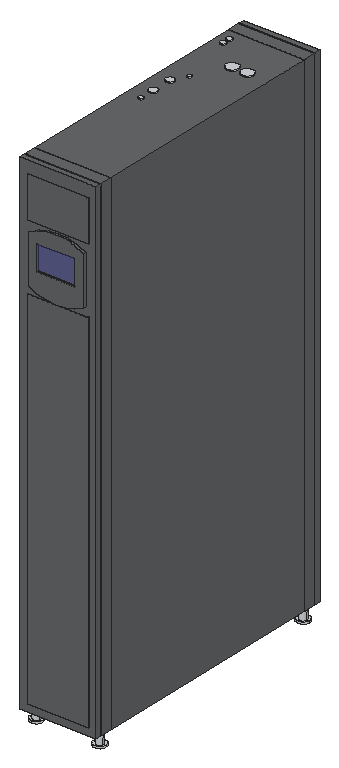
Revit family "CR060RC", category Mechanical Equipment, Revit 2013
Parameters
  zz Plenum lenght [instance] = if(Depth 1200mm, 1200.0 mm, 1100.0 mm)  # 1100.0 mm
  zz PI3 [instance] = zz PI1 + 1.5 kW  # 4.52 kW
  zz PI2 [instance] = zz PI1 + 4.5 kW  # 7.52 kW
  zz PI1 [instance] = 3.02 kW  # constant formula
  zz LRA3 [instance] = 6.7 A
  zz LRA2 [instance] = 6.9 A
  zz LRA1 [instance] = 0.6 A
  zz Humidifier feed_HF2 [instance] = "Humidifier feed BOTTOM_HF "  # constant formula
  zz Humidifier feed_HF = "Humidifier feed TOP_HF "  # constant formula
  zz Humidifier drain_HD = "Humidifier drain_HD"  # constant formula
  zz FS [instance] = if(and(not(Electrical heater), not(Electrode Humidifier)), 1, 0)  # 1
  zz FLA3 [instance] = 10.7 A
  zz FLA2 [instance] = 10.7 A
  zz FLA1 [instance] = 12.6 A
  zz FEH [instance] = if(and(Electrode Humidifier, not(Electrical heater)), 1, 0)  # 0
  zz FE [instance] = if(and(Electrical heater, not(Electrode Humidifier)), 1, 0)  # 0
  zz Electrical supply-low voltage EC-LV2T [instance] = "Electrical supply-low voltage TOP  EC-LVT2"  # constant formula
  zz Electrical supply-low voltage EC-LV2B [instance] = "Electrical supply-low voltage BOTTOM  EC-LVB2"  # constant formula
  zz Electrical supply-low voltage EC-LV1T [instance] = "Electrical supply-low voltage TOP  EC-LVT1"  # constant formula
  zz Electrical supply-low voltage EC-LV1B [instance] = "Electrical supply-low voltage BOTTOM  EC-LVB1"  # constant formula
  zz Electrical supply-high voltage EC-HV2T [instance] = "Electrical supply-high voltage TOP  EC-HVT2"  # constant formula
  zz Electrical supply-high voltage EC-HV1T [instance] = "Electrical supply-high voltage TOP  EC-HVT1"  # constant formula
  zz DP = "Pump Drain"  # constant formula
  zz Condensate drain_CD = "Condensate drain_CD"  # constant formula
  zz Chilled water outlet OCW = "Chilled water BOTTOM outlet_OCWB"  # constant formula
  zz Chilled water inlet ICW = "Chilled water BOTTOM inlet_ICWB"  # constant formula
  zz Chilled water TOP outlet OCW = "Chilled water TOP outlet OCWT"  # constant formula
  zz Chilled water TOP inlet ICW = "Chilled water TOP inlet_ICWT"  # constant formula
  Width = 300.0 mm  # constant formula
  Weight [instance] = 230.00 kg
  Voltage [instance] = if(or(Electrode Humidifier, Electrical heater), 400 V, 230 V)  # 230 V
  URL = "https://www.vertivco.com/en-emea/"
  Total power imput [instance] = if(zz FS = 1, zz PI1, if(zz FE = 1, zz PI2, if(zz FEH = 1, zz PI3, 0 kW)))  # 3.02 kW
  Total Cooling Capacity [instance] = 51.4 kW
  Supply Air Temp. [instance] = 17.5 °C
  Service area 2 [instance] = no
  Service area 1 [instance] = no
  Selection [instance] = if(and(Electrode Humidifier, Electrical heater), "WRONG SELECTION- only one option is possible", if(and(Electrode Humidifier, not(Electrical heater)), "Electode Humidifier", if(and(Electrical heater, not(Electrode Humidifier)), "Electrical heater", "Without options")))  # "Without options"
  Power supply [instance] = if(or(Electrode Humidifier, Electrical heater), "400V/3ph+N/50Hz", "230V/1ph/50Hz")  # "230V/1ph/50Hz"
  Power factor = 0
  Outdoor temperature DB [instance] = 37 °C
  Outdoor humidity RH [instance] = "24%"
  Number of Poles [instance] = 1
  Model = "CR060RC"  # constant formula
  Manufacturer = "Vertiv"  # constant formula
  Liquid temp. OUT [instance] = 15 °C
  Liquid temp. IN [instance] = 10 °C
  LRA [instance] = if(zz FS = 1, zz LRA1, if(zz FE = 1, zz LRA2, if(zz FEH = 1, zz LRA3, 0 A)))  # 0.6 A
  Hydraulic presure drop [instance] = 135 kPa
  Height 2222mm [instance] = no
  Height 2000mm [instance] = not(Height 2222mm)  # yes
  Front plenum [instance] = if(Depth 1200mm, 100.0 mm, 1.0 mm)  # 1.0 mm
  FLA [instance] = if(zz FS = 1, zz FLA1, if(zz FE = 1, zz FLA2, if(zz FEH = 1, zz FLA3, 0 A)))  # 12.6 A
  Electrode Humidifier [instance] = no
  Electrical heater [instance] = no
  Display YES/NO [instance] = yes
  Depth 1200mm [instance] = no
  Depth 1100mm [instance] = not(Depth 1200mm)  # yes
  Copyright © = "Copyright © Vertiv 2017"  # constant formula
  Coolant fluid flow [instance] = 2.46 L/s
  Aparent load [instance] = 0 VA
Reference planes
  plane 1 "Center (Front/Back)": y = 0
  plane 2: z = 0
  plane 3 "Center (Left/Right)": x = 0
  plane 4: x = -150
  plane 5: x = 150
  plane 6: y = 476
  plane 7: y = -476
  plane 8 "Bottom": z = 50
  plane 9 "Top": z = 2000
  plane 10 "Front": y = -550
  plane 11: y = -527
  plane 12 "Legs front": y = -501
  plane 13 "Legs back": y = 501
  plane 14 "Back": y = 549.962
  plane 15: y = -528
  plane 16: y = -526
Forms (mm)
  Extrusion 1, solid, material "Paint Vertiv Black"
    sketch origin (0, 0, 0) x (1, 0, 0) y (0, 1, 0)
      loop
        line (-150, 476) -> (-150, -476) -> (150, -476) -> (150, 476) -> (-150, 476)
    from 50 to 2000
  Extrusion 2, solid, material "Paint Vertiv Black"
    sketch origin (0, 0, 0) x (1, 0, 0) y (0, 1, 0)
      loop
        line (-150, -476) -> (-150, -526) -> (150, -526) -> (150, -476) -> (-150, -476)
    from 50 to 2000
  Extrusion 3, solid, material "Paint Vertiv Black"
    sketch origin (-1508.322, -1524, 50) x (-1, 0, 0) y (0, -1, 0)
      loop
        line (-1358.322, -996) -> (-1358.322, -974) -> (-1658.322, -974) -> (-1658.322, -996) -> (-1358.322, -996)
    from 0 to 1950
  Extrusion 4, solid, material "Perforated metal Vertiv"
    sketch origin (-2000, -550, 1200) x (-1, 0, 0) y (0, 0, 1)
      loop
        line (-2120, -1121.03) -> (-1880, -1121.03) -> (-1880, 328.895) -> (-2120, 328.895) -> (-2120, -1121.03)
      loop
        line (-1880, 750) -> (-2120, 750) -> (-2120, 590) -> (-1880, 590) -> (-1880, 750)
    from -1 to 1
  Extrusion 5, solid, material "PMMA Plastic", visible <- "Display YES/NO"
    sketch origin (10, -550, 0) x (-1, 0, 0) y (0, 0, -1)
      loop
        line (120, -1752.835) -> (120, -1564.827)
        arc (120, -1564.827) -> (10.147, -1534.741) -> (-100, -1563.736) r 219.574
        line (-100, -1563.736) -> (-100, -1753.927)
        arc (-100, -1753.927) -> (10.147, -1782.922) -> (120, -1752.835) r 219.574
    from 0 to 10
  Extrusion 6, void
    sketch origin (10, -550, 0) x (-1, 0, 0) y (0, 0, -1)
      loop
        line (85, -1725.628) -> (85, -1625.628) -> (-65, -1625.628) -> (-65, -1725.628) -> (85, -1725.628)
    from 5 to 12
  Extrusion 7, solid, material "Paint Vertiv Black"
    sketch origin (0, 0, 0) x (1, 0, 0) y (0, 1, 0)
      loop
        line (-150, 476) -> (150, 476) -> (150, 526) -> (-150, 526) -> (-150, 476)
    from 50 to 2000
  Extrusion 8, solid, material "Paint Vertiv Black"
    sketch origin (-1508.322, 1524, 50) x (-1, 0, 0) y (0, -1, 0)
      loop
        line (-1358.322, 998) -> (-1658.322, 998) -> (-1658.322, 974.038) -> (-1358.322, 974.038) -> (-1358.322, 998)
    from 0 to 1950
  Extrusion 9, solid, material "Perforated metal Vertiv"
    sketch origin (-2000, 550, 1200) x (-1, 0, 0) y (0, 0, -1)
      loop
        line (-2120, 1121.03) -> (-2120, -750) -> (-1880, -750) -> (-1880, 1121.03) -> (-2120, 1121.03)
    from -1 to 1.075
  Revolve 10, solid
    sketch origin (0, -501, 0) x (-1, 0, 0) y (0, 0, 1)
      loop
        line (135, 50) -> (125.166, 50) -> (125.166, 0) -> (150, 0) -> (150, 5) -> (137.981, 5) -> (137.981, 35) -> (135, 35) -> (135, 50)
      axis (125.166, 0) -> (125.166, 50)
    angle from 0 to 360
  Revolve 11, solid
    sketch origin (250.332, -501, 0) x (-1, 0, 0) y (0, 0, 1)
      loop
        line (135, 50) -> (125.166, 50) -> (125.166, 0) -> (150, 0) -> (150, 5) -> (137.981, 5) -> (137.981, 35) -> (135, 35) -> (135, 50)
      axis (125.166, 0) -> (125.166, 50)
    angle from 0 to 360
  Revolve 12, solid
    sketch origin (0, 501, 0) x (-1, 0, 0) y (0, 0, 1)
      loop
        line (135, 50) -> (125.166, 50) -> (125.166, 0) -> (150, 0) -> (150, 5) -> (137.981, 5) -> (137.981, 35) -> (135, 35) -> (135, 50)
      axis (125.166, 0) -> (125.166, 50)
    angle from 0 to 360
  Revolve 13, solid
    sketch origin (250.332, 501, 0) x (-1, 0, 0) y (0, 0, 1)
      loop
        line (135, 50) -> (125.166, 50) -> (125.166, 0) -> (150, 0) -> (150, 5) -> (137.981, 5) -> (137.981, 35) -> (135, 35) -> (135, 50)
      axis (125.166, 0) -> (125.166, 50)
    angle from 0 to 360
  Extrusion 14, solid, material "Paint Vertiv Black"
    sketch origin (0, -105, 0) x (1, 0, 0) y (0, 1, 0)
      loop
        line (-150, -421) -> (-150, -422) -> (150, -422) -> (150, -421) -> (-150, -421)
    from 50 to 2000
  Extrusion 15, solid, material "Paint Vertiv Black", visible <- "Height 2222mm"
    sketch origin (-1508.322, -1524, 2000) x (-1, 0, 0) y (0, -1, 0)
      loop
        line (-1358.322, -2073.962) -> (-1358.322, -973.962) -> (-1658.322, -973.962) -> (-1658.322, -2073.962) -> (-1358.322, -2073.962)
    from 0 to 222
  Extrusion 16, solid
    sketch origin (-1508.322, -1524, 2000) x (-1, 0, 0) y (0, -1, 0)
      loop
        circle (-1416.522, -1496.462) r 9
      loop
        circle (-1416.522, -1556.462) r 16
      loop
        circle (-1416.522, -1639.462) r 16
      loop
        circle (-1448.322, -1695.962) r 7.5
      loop
        circle (-1514.222, -1823.962) r 24
      loop
        circle (-1574.222, -1823.962) r 24
      loop
        circle (-1398.322, -1923.962) r 11
      loop
        circle (-1398.322, -1953.962) r 11
    from -1 to 1
  Extrusion 17, solid
    sketch origin (-1508.322, -1524, 50) x (-1, 0, 0) y (0, -1, 0)
      loop
        circle (-1416.822, -1853.962) r 16
      loop
        circle (-1416.822, -1770.962) r 16
      loop
        circle (-1416.822, -1700.962) r 16
      loop
        circle (-1416.822, -1640.962) r 7.5
      loop
        circle (-1416.822, -1580.962) r 14
      loop
        circle (-1416.822, -1540.962) r 14
      loop
        circle (-1589.322, -1803.962) r 16
      loop
        circle (-1589.322, -1743.962) r 16
      loop
        circle (-1589.322, -1683.962) r 7.5
    from -1 to 1
  Extrusion 18, solid, material "Service area Vertiv", visible <- "Service area 1"
    sketch origin (0, 0, 0) x (1, 0, 0) y (0, 1, 0)
      loop
        line (150, 549.962) -> (150, 1464.962) -> (-450, 1464.962) -> (-450, 549.962) -> (150, 549.962)
      loop
        line (450, -1465) -> (450, -550) -> (-150, -550) -> (-150, -1465) -> (450, -1465)
    from 0 to 2000
  Extrusion 19, solid, material "Service area Vertiv", visible <- "Service area 2"
    sketch origin (0, 0, 0) x (1, 0, 0) y (0, 1, 0)
      loop
        line (-150, 549.962) -> (450, 549.962) -> (450, 1464.962) -> (-150, 1464.962) -> (-150, 549.962)
      loop
        line (-450, -1465.038) -> (150, -1465.038) -> (150, -550.038) -> (-450, -550.038) -> (-450, -1465.038)
    from 0 to 2000
Cuts and joins
  Extrusion 6 cuts Extrusion 1
  Extrusion 6 cuts Extrusion 5
Dimensions and locks
  equal spacing: plane 4, plane 3 "Center (Left/Right)", plane 5
  plane 4 to plane 3 "Center (Left/Right)" = 150.0 mm
  plane 6 to plane 1 "Center (Front/Back)" = 476.0 mm
  equal spacing: plane 6, plane 1 "Center (Front/Back)", plane 7
  locked: plane 9 "Top" to level at 2000
  plane 8 "Bottom" to level = 50.0 mm
  locked: cut or joined group of Extrusion 5, Extrusion 6 to cut or joined group of Extrusion 5, Extrusion 6 at 5
  locked: cut or joined group of Extrusion 5, Extrusion 6 to plane 10 "Front" at 10
  "Front plenum": plane 11 to plane 16
  locked: plane 7 to plane 12 "Legs front" at 25
  equal spacing: Extrusion 4, Extrusion 3, Extrusion 4
  locked: plane 13 "Legs back" to plane 6 at 25
  equal spacing: Extrusion 9, Extrusion 8, Extrusion 9
  locked: plane 6 to Extrusion 8 at 50
  locked: plane 6 to plane 14 "Back" at 73.962
  locked: plane 15 to plane 11 at 1
  locked: plane 10 "Front" to plane 15 at 22
  locked: plane 16 to plane 7 at 50
  "zz Plenum lenght": Extrusion 15 sketch curve to Extrusion 15 sketch curve
  Extrusion 16 sketch curve to plane 14 "Back" = 120.0 mm
  Extrusion 16 sketch curve to plane 14 "Back" = 150.0 mm
  plane 4 to Extrusion 16 sketch curve = 40.0 mm  (x2)
  Extrusion 16 sketch curve to plane 5 = 84.1 mm
  Extrusion 16 sketch curve to plane 5 = 144.1 mm
  Extrusion 16 sketch curve to plane 14 "Back" = 250.0 mm  (x2)
  Extrusion 16 sketch curve to plane 14 "Back" = 378.0 mm
  Extrusion 16 sketch curve to plane 14 "Back" = 434.5 mm
  Extrusion 16 sketch curve to plane 14 "Back" = 517.5 mm
  Extrusion 16 sketch curve to plane 14 "Back" = 577.5 mm
  plane 4 to Extrusion 16 sketch curve = 58.2 mm  (x2)
  plane 4 to Extrusion 16 sketch curve = 90.0 mm
  Extrusion 17 sketch curve to Extrusion 15 = 241.5 mm
  Extrusion 17 sketch curve to Extrusion 18 = 241.5 mm
  Extrusion 17 sketch curve to plane 14 "Back" = 220.0 mm
  Extrusion 17 sketch curve to plane 14 "Back" = 303.0 mm
  Extrusion 17 sketch curve to plane 14 "Back" = 270.0 mm
  Extrusion 15 to Extrusion 17 sketch curve = 231.0 mm
  aligned and locked: level to plane 2
  aligned and locked: plane 4 to Extrusion 1 sketch curve
  aligned and locked: Extrusion 1 sketch curve to plane 6
  aligned and locked: plane 5 to Extrusion 1 sketch curve
  aligned and locked: Extrusion 1 sketch curve to plane 7
  aligned and locked: plane 7 to Extrusion 2 sketch curve
  aligned and locked: plane 5 to Extrusion 2 sketch curve
  aligned and locked: plane 4 to Extrusion 2 sketch curve
  aligned and locked: plane 9 "Top" to Extrusion 1
  aligned and locked: Extrusion 1 to plane 8 "Bottom"
  aligned and locked: Extrusion 7 to plane 6
  aligned and locked: Extrusion 8 to Extrusion 7
  aligned and locked: Extrusion 5 to plane 10 "Front"
  aligned and locked: plane 10 "Front" to Extrusion 3
  aligned and locked: Extrusion 7 to cut or joined group of Extrusion 1, Extrusion 6
  aligned and locked: plane 14 "Back" to Extrusion 8
  aligned and locked: plane 16 to Extrusion 2
  aligned and locked: Extrusion 14 to plane 16
  aligned and locked: plane 11 to Extrusion 14
  aligned and locked: Extrusion 3 to plane 15
  aligned and locked: Extrusion 15 sketch curve to Extrusion 8  (x2)
  aligned and locked: plane 5 to Extrusion 15 sketch curve
Automatic sketch dimensions
  plane 16 to Extrusion 2 sketch curve = 0.0 mm
  Extrusion 3 sketch curve to plane 5 = 0.0 mm
  Extrusion 3 sketch curve to plane 4 = 0.0 mm
  plane 15 to Extrusion 3 sketch curve = 0.0 mm
  plane 10 "Front" to Extrusion 3 sketch curve = 0.0 mm
  plane 5 to Extrusion 4 sketch curve = 30.0 mm  (x2)
  plane 8 "Bottom" to Extrusion 4 sketch curve = 28.97 mm
  plane 4 to Extrusion 4 sketch curve = 30.0 mm  (x2)
  Extrusion 4 sketch curve to plane 9 "Top" = 471.105 mm
  Extrusion 4 sketch curve to plane 9 "Top" = 210.0 mm
  Extrusion 4 sketch curve to plane 9 "Top" = 50.0 mm
  Extrusion 5 sketch curve to Extrusion 5 sketch curve = 1.092 mm
  Extrusion 5 sketch curve to Extrusion 5 sketch curve = 1.477 mm
  Extrusion 5 sketch curve to Extrusion 5 sketch curve = 0.385 mm
  Extrusion 7 sketch curve to plane 4 = 0.0 mm
  Extrusion 7 sketch curve to plane 5 = 0.0 mm
  Extrusion 7 sketch curve to plane 6 = 0.0 mm
  Extrusion 7 sketch curve to plane 14 "Back" = 23.962 mm
  Extrusion 8 sketch curve to plane 5 = 0.0 mm
  Extrusion 8 sketch curve to plane 4 = 0.0 mm
  plane 14 "Back" to Extrusion 8 sketch curve = 0.0 mm
  Extrusion 8 sketch curve to Extrusion 8 sketch curve = 23.962 mm
  plane 5 to Extrusion 9 sketch curve = 30.0 mm
  Extrusion 9 sketch curve to plane 9 "Top" = 50.0 mm
  plane 4 to Extrusion 9 sketch curve = 30.0 mm
  plane 8 "Bottom" to Extrusion 9 sketch curve = 28.97 mm
  Revolve 10 sketch curve to level = 0.0 mm  (x2)
  Revolve 10 sketch curve to plane 8 "Bottom" = 0.0 mm  (x2)
  Revolve 10 sketch curve to plane 4 = 0.0 mm
  level to Revolve 10 sketch curve = 5.0 mm
  plane 4 to Revolve 10 sketch curve = 12.019 mm
  plane 4 to Revolve 10 sketch curve = 15.0 mm
  Revolve 10 sketch curve to Revolve 10 sketch curve = 12.815 mm
  Revolve 10 sketch curve to Revolve 10 sketch curve = 0.0 mm
  Revolve 10 sketch curve to plane 8 "Bottom" = 15.0 mm
  Revolve 11 sketch curve to level = 0.0 mm  (x2)
  Revolve 11 sketch curve to plane 8 "Bottom" = 0.0 mm  (x2)
  plane 5 to Revolve 11 sketch curve = 24.834 mm
  level to Revolve 11 sketch curve = 5.0 mm
  Revolve 11 sketch curve to Revolve 11 sketch curve = 9.834 mm
  Revolve 11 sketch curve to Revolve 11 sketch curve = 2.981 mm
  Revolve 11 sketch curve to Revolve 11 sketch curve = 12.019 mm
  Revolve 11 sketch curve to Revolve 11 sketch curve = 0.0 mm
  Revolve 11 sketch curve to plane 8 "Bottom" = 15.0 mm
  Revolve 12 sketch curve to level = 0.0 mm  (x2)
  Revolve 12 sketch curve to plane 8 "Bottom" = 0.0 mm  (x2)
  Revolve 12 sketch curve to plane 4 = 0.0 mm
  level to Revolve 12 sketch curve = 5.0 mm
  plane 4 to Revolve 12 sketch curve = 12.019 mm
  plane 4 to Revolve 12 sketch curve = 15.0 mm
  Revolve 12 sketch curve to Revolve 12 sketch curve = 12.815 mm
  Revolve 12 sketch curve to Revolve 12 sketch curve = 0.0 mm
  Revolve 12 sketch curve to plane 8 "Bottom" = 15.0 mm
  Revolve 13 sketch curve to level = 0.0 mm  (x2)
  Revolve 13 sketch curve to plane 8 "Bottom" = 0.0 mm  (x2)
  plane 5 to Revolve 13 sketch curve = 24.834 mm
  level to Revolve 13 sketch curve = 5.0 mm
  Revolve 13 sketch curve to Revolve 13 sketch curve = 9.834 mm
  Revolve 13 sketch curve to Revolve 13 sketch curve = 2.981 mm
  Revolve 13 sketch curve to Revolve 13 sketch curve = 12.019 mm
  Revolve 13 sketch curve to Revolve 13 sketch curve = 0.0 mm
  Revolve 13 sketch curve to plane 8 "Bottom" = 15.0 mm
  Extrusion 14 sketch curve to plane 4 = 0.0 mm
  Extrusion 14 sketch curve to plane 5 = 0.0 mm
  Extrusion 14 sketch curve to plane 10 "Front" = 23.0 mm
  plane 16 to Extrusion 14 sketch curve = 0.0 mm
  Extrusion 5 sketch curve to Extrusion 5 sketch curve = 220.0 mm
  Extrusion 5 sketch curve to Extrusion 5 sketch curve = 109.057 mm  (x2)
  Extrusion 5 sketch curve to plane 5 = 40.0 mm
  plane 9 "Top" to Extrusion 5 sketch curve = 436.264 mm
  Extrusion 6 sketch curve to plane 3 "Center (Left/Right)" = 75.0 mm
  plane 3 "Center (Left/Right)" to Extrusion 6 sketch curve = 75.0 mm
  plane 9 "Top" to Extrusion 6 sketch curve = 374.372 mm
  Extrusion 6 sketch curve to Extrusion 6 sketch curve = 100.0 mm
  plane 4 to Extrusion 16 sketch curve = 58.2 mm
  plane 14 "Back" to Extrusion 18 sketch curve = 0.0 mm
  Extrusion 18 sketch curve to plane 4 = 0.0 mm
  Extrusion 18 sketch curve to plane 5 = 0.0 mm
  plane 10 "Front" to Extrusion 18 sketch curve = 0.0 mm
  plane 10 "Front" to Extrusion 18 sketch curve = 915.0 mm
  Extrusion 18 sketch curve to plane 4 = 300.0 mm
  Extrusion 18 sketch curve to plane 5 = 300.0 mm
  Extrusion 18 sketch curve to plane 14 "Back" = 915.0 mm
  Extrusion 19 sketch curve to plane 4 = 0.0 mm
  plane 14 "Back" to Extrusion 19 sketch curve = 0.0 mm
  Extrusion 19 sketch curve to plane 5 = 300.0 mm
  plane 10 "Front" to Extrusion 19 sketch curve = 0.038 mm
  Extrusion 19 sketch curve to plane 14 "Back" = 915.0 mm
  Extrusion 19 sketch curve to plane 4 = 300.0 mm
  Extrusion 19 sketch curve to plane 5 = 0.0 mm
  plane 10 "Front" to Extrusion 19 sketch curve = 915.038 mm
  plane 4 to Extrusion 17 sketch curve = 231.0 mm
  Extrusion 17 sketch curve to Extrusion 17 sketch curve = 172.5 mm  (x3)
  plane 4 to Extrusion 17 sketch curve = 58.5 mm
  Extrusion 17 sketch curve to plane 1 "Center (Front/Back)" = 16.962 mm
  Extrusion 17 sketch curve to Extrusion 17 sketch curve = 0.0 mm
  Extrusion 17 sketch curve to Extrusion 17 sketch curve = 27.0 mm
  Extrusion 17 sketch curve to Extrusion 17 sketch curve = 43.0 mm  (x2)
  Extrusion 17 sketch curve to Extrusion 17 sketch curve = 17.0 mm
  Extrusion 17 sketch curve to Extrusion 17 sketch curve = 40.0 mm
  radius of Extrusion 16 sketch curve = 16.0 mm  (x2)
  radius of Extrusion 16 sketch curve = 7.5 mm
  radius of Extrusion 16 sketch curve = 24.0 mm  (x2)
  radius of Extrusion 16 sketch curve = 11.0 mm  (x2)
  radius of Extrusion 16 sketch curve = 9.0 mm
  radius of Extrusion 17 sketch curve = 16.0 mm  (x5)
  radius of Extrusion 17 sketch curve = 7.5 mm  (x2)
  radius of Extrusion 17 sketch curve = 14.0 mm  (x2)
Connectors
  piping at (-91.8, -27.538, 2001), driven by "zz DP"
    settings: on Extrusion 16, index 1, connector radius 9.00 mm, flow factor 0, pipe flow 0.0 L/s, pressure drop 0 kPa, fitting loss kfactor 0, connector angle 0.00°, fixture units 0, engagement length 0.0 mm, flow configuration 1, flow direction 2, fitting loss method 0, system type 16, joint type 0, gender type 0, connector reference index -1, connector utility 0, adjustable connector no, is connector primary yes, fitting loss table "", connector description "Pump Drain"
  piping at (-91.8, 32.462, 2001), driven by "zz Chilled water TOP inlet ICW", driven by "Coolant fluid flow", driven by "Hydraulic presure drop"
    settings: on Extrusion 16, index 2, connector radius 16.00 mm, flow factor 0, pipe flow 2.46 L/s, pressure drop 135 kPa, fitting loss kfactor 0, connector angle 0.00°, fixture units 0, engagement length 0.0 mm, flow configuration 1, flow direction 1, fitting loss method 4, system type 7, joint type 0, gender type 0, connector reference index -1, connector utility 0, adjustable connector no, is connector primary no, fitting loss table "", connector description "Chilled water TOP inlet_ICWT"
  piping at (-91.8, 115.462, 2001), driven by "zz Chilled water TOP outlet OCW", driven by "Coolant fluid flow", driven by "Hydraulic presure drop"
    settings: on Extrusion 16, index 3, connector radius 16.00 mm, flow factor 0, pipe flow 2.46 L/s, pressure drop 135 kPa, fitting loss kfactor 0, connector angle 0.00°, fixture units 0, engagement length 0.0 mm, flow configuration 1, flow direction 2, fitting loss method 4, system type 8, joint type 0, gender type 0, connector reference index -1, connector utility 0, adjustable connector no, is connector primary no, fitting loss table "", connector description "Chilled water TOP outlet OCWT"
  piping at (-60, 171.962, 2001), driven by "zz Humidifier feed_HF"
    settings: on Extrusion 16, index 4, connector radius 7.50 mm, flow factor 0, pipe flow 0.0 L/s, pressure drop 0 kPa, fitting loss kfactor 0, connector angle 0.00°, fixture units 0, engagement length 0.0 mm, flow configuration 1, flow direction 1, fitting loss method 0, system type 22, joint type 0, gender type 0, connector reference index -1, connector utility 0, adjustable connector no, is connector primary no, fitting loss table "", connector description "Humidifier feed TOP_HF "
  electrical at (5.9, 299.962, 2001), driven by "zz Electrical supply-high voltage EC-HV2T", driven by "Number of Poles", driven by "Voltage", driven by "Aparent load", driven by "Power factor"
    settings: on Extrusion 16, index 5, voltage 230 V, apparent load 0 VA, apparent load phase1 0 VA, apparent load phase2 0 VA, apparent load phase3 0 VA, power factor 0, load classification "Power", number of poles 1, system type 30, power factor state 1, is connector primary yes, connector utility no, sub classification motor no, connector description "Electrical supply-high voltage TOP  EC-HVT2"
  electrical at (65.9, 299.962, 2001), driven by "Number of Poles", driven by "Voltage", driven by "Aparent load", driven by "zz Electrical supply-high voltage EC-HV1T"
    settings: on Extrusion 16, index 6, voltage 230 V, apparent load 0 VA, apparent load phase1 0 VA, apparent load phase2 0 VA, apparent load phase3 0 VA, power factor 1, load classification "Power", number of poles 1, system type 30, power factor state 1, is connector primary no, connector utility no, sub classification motor no, connector description "Electrical supply-high voltage TOP  EC-HVT1"
  electrical at (-110, 399.962, 2001), driven by "zz Electrical supply-low voltage EC-LV1T"
    settings: on Extrusion 16, index 7, voltage 0 V, apparent load 0 VA, apparent load phase1 0 VA, apparent load phase2 0 VA, apparent load phase3 0 VA, power factor 1, load classification "Other", number of poles 1, system type 5, power factor state 1, is connector primary no, connector utility no, sub classification motor no, connector description "Electrical supply-low voltage TOP  EC-LVT1"
  electrical at (-110, 429.962, 2001), driven by "zz Electrical supply-low voltage EC-LV2T"
    settings: on Extrusion 16, index 8, voltage 0 V, apparent load 0 VA, apparent load phase1 0 VA, apparent load phase2 0 VA, apparent load phase3 0 VA, power factor 1, load classification "Other", number of poles 1, system type 5, power factor state 1, is connector primary no, connector utility no, sub classification motor no, connector description "Electrical supply-low voltage TOP  EC-LVT2"
  piping at (-91.5, 329.962, 49), driven by "zz Chilled water outlet OCW", driven by "Coolant fluid flow", driven by "Hydraulic presure drop"
    settings: on Extrusion 17, index 9, connector radius 16.00 mm, flow factor 0, pipe flow 2.46 L/s, pressure drop 135 kPa, fitting loss kfactor 0, connector angle 0.00°, fixture units 0, engagement length 0.0 mm, flow configuration 1, flow direction 2, fitting loss method 4, system type 8, joint type 0, gender type 0, connector reference index -1, connector utility 0, adjustable connector no, is connector primary no, fitting loss table "", connector description "Chilled water BOTTOM outlet_OCWB"
  piping at (-91.5, 246.962, 49), driven by "zz Chilled water inlet ICW", driven by "Coolant fluid flow", driven by "Hydraulic presure drop"
    settings: on Extrusion 17, index 10, connector radius 16.00 mm, flow factor 0, pipe flow 2.46 L/s, pressure drop 135 kPa, fitting loss kfactor 0, connector angle 0.00°, fixture units 0, engagement length 0.0 mm, flow configuration 1, flow direction 1, fitting loss method 4, system type 7, joint type 0, gender type 0, connector reference index -1, connector utility 0, adjustable connector no, is connector primary no, fitting loss table "", connector description "Chilled water BOTTOM inlet_ICWB"
  piping at (-91.5, 176.962, 49), driven by "zz DP"
    settings: on Extrusion 17, index 11, connector radius 16.00 mm, flow factor 0, pipe flow 0.0 L/s, pressure drop 0 kPa, fitting loss kfactor 0, connector angle 0.00°, fixture units 0, engagement length 0.0 mm, flow configuration 1, flow direction 2, fitting loss method 0, system type 16, joint type 0, gender type 0, connector reference index -1, connector utility 0, adjustable connector no, is connector primary no, fitting loss table "", connector description "Pump Drain"
  piping at (-91.5, 116.962, 49), driven by "zz Humidifier feed_HF2"
    settings: on Extrusion 17, index 12, connector radius 7.50 mm, flow factor 0, pipe flow 0.0 L/s, pressure drop 0 kPa, fitting loss kfactor 0, connector angle 0.00°, fixture units 0, engagement length 0.0 mm, flow configuration 1, flow direction 1, fitting loss method 0, system type 20, joint type 0, gender type 0, connector reference index -1, connector utility 0, adjustable connector no, is connector primary no, fitting loss table "", connector description "Humidifier feed BOTTOM_HF "
  piping at (81, 159.962, 49), driven by "zz Humidifier feed_HF2"
    settings: on Extrusion 17, index 15, connector radius 7.50 mm, flow factor 0, pipe flow 0.0 L/s, pressure drop 0 kPa, fitting loss kfactor 0, connector angle 0.00°, fixture units 0, engagement length 0.0 mm, flow configuration 1, flow direction 1, fitting loss method 0, system type 20, joint type 0, gender type 0, connector reference index -1, connector utility 0, adjustable connector no, is connector primary no, fitting loss table "", connector description "Humidifier feed BOTTOM_HF "
  piping at (81, 219.962, 49), driven by "zz Condensate drain_CD"
    settings: on Extrusion 17, index 16, connector radius 16.00 mm, flow factor 0, pipe flow 0.0 L/s, pressure drop 0 kPa, fitting loss kfactor 0, connector angle 0.00°, fixture units 0, engagement length 0.0 mm, flow configuration 1, flow direction 2, fitting loss method 0, system type 16, joint type 0, gender type 0, connector reference index -1, connector utility 0, adjustable connector no, is connector primary no, fitting loss table "", connector description "Condensate drain_CD"
  piping at (81, 279.962, 49), driven by "zz Humidifier drain_HD"
    settings: on Extrusion 17, index 17, connector radius 16.00 mm, flow factor 0, pipe flow 0.0 L/s, pressure drop 0 kPa, fitting loss kfactor 0, connector angle 0.00°, fixture units 0, engagement length 0.0 mm, flow configuration 1, flow direction 2, fitting loss method 0, system type 16, joint type 0, gender type 0, connector reference index -1, connector utility 0, adjustable connector no, is connector primary no, fitting loss table "", connector description "Humidifier drain_HD"
  electrical at (-91.5, 16.962, 49), driven by "zz Electrical supply-low voltage EC-LV2B"
    settings: on Extrusion 17, index 18, voltage 0 V, apparent load 0 VA, apparent load phase1 0 VA, apparent load phase2 0 VA, apparent load phase3 0 VA, power factor 1, load classification "Other", number of poles 1, system type 5, power factor state 1, is connector primary no, connector utility no, sub classification motor no, connector description "Electrical supply-low voltage BOTTOM  EC-LVB2"
  electrical at (-91.5, 56.962, 49), driven by "zz Electrical supply-low voltage EC-LV1B"
    settings: on Extrusion 17, index 19, voltage 0 V, apparent load 0 VA, apparent load phase1 0 VA, apparent load phase2 0 VA, apparent load phase3 0 VA, power factor 1, load classification "Other", number of poles 1, system type 5, power factor state 1, is connector primary no, connector utility no, sub classification motor no, connector description "Electrical supply-low voltage BOTTOM  EC-LVB1"
